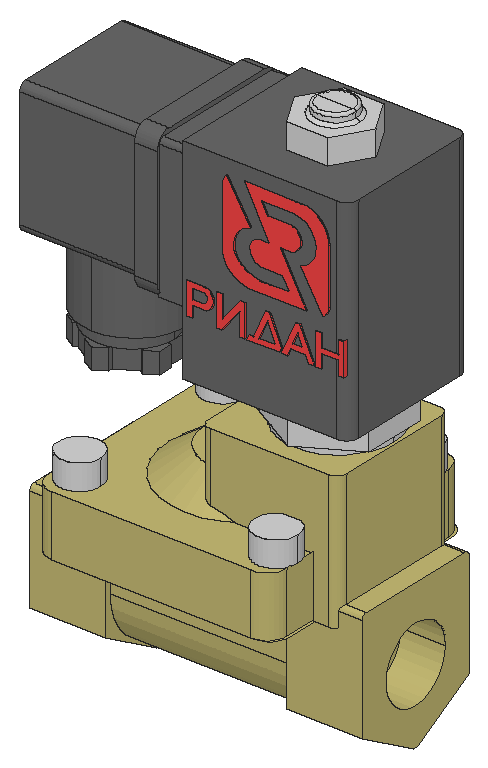
Revit family "РИДАН_Соленоидный клапан EV220WR", category Арматура трубопроводов, Revit 2019
Family settings
  Размер круглого соединителя = Использовать диаметр
  Тип детали = Вставляется
  На основе рабочей плоскости = Нет
  Всегда вертикально = Да
  При загрузке вырезать с полостями = Нет
  Общий = Нет
Parameters (values of type "Загрузите каталог типоразмеров")
  Ду50 = not(Ду10_40)  # no
  Ду10_40 = ADSK_Диаметр условный < 45 mm  # yes
  y = size_lookup(LT, "y", 20 mm, ADSK_Диаметр условный)  # 48 mm
  x3 = size_lookup(LT, "x3", 20 mm, ADSK_Диаметр условный)  # 5 mm
  x2 = size_lookup(LT, "x2", 20 mm, ADSK_Диаметр условный)  # 4.25 mm
  x1 = size_lookup(LT, "x1", 20 mm, ADSK_Диаметр условный)  # 39 mm
  x = size_lookup(LT, "x", 20 mm, ADSK_Диаметр условный)  # 35.5 mm
  w = size_lookup(LT, "w", 20 mm, ADSK_Диаметр условный)  # 76.6 mm
  v = size_lookup(LT, "v", 20 mm, ADSK_Диаметр условный)  # 17.1 mm
  u1 = size_lookup(LT, "u1", 20 mm, ADSK_Диаметр условный)  # 9 mm
  u = size_lookup(LT, "u", 20 mm, ADSK_Диаметр условный)  # 14.9 mm
  t1 = size_lookup(LT, "t1", 20 mm, ADSK_Диаметр условный)  # 1 mm
  t = size_lookup(LT, "t", 20 mm, ADSK_Диаметр условный)  # 15 mm
  s = size_lookup(LT, "s", 20 mm, ADSK_Диаметр условный)  # 37.5 mm
  r2 = size_lookup(LT, "r2", 20 mm, ADSK_Диаметр условный)  # 1.5 mm
  r1 = size_lookup(LT, "r1", 20 mm, ADSK_Диаметр условный)  # 1 mm
  r = size_lookup(LT, "r", 20 mm, ADSK_Диаметр условный)  # 1.24 mm
  p1 = size_lookup(LT, "p1", 20 mm, ADSK_Диаметр условный)  # 2 mm
  p = size_lookup(LT, "p", 20 mm, ADSK_Диаметр условный)  # 27.5 mm
  o = size_lookup(LT, "o", 20 mm, ADSK_Диаметр условный)  # 8.97 mm
  n = size_lookup(LT, "n", 20 mm, ADSK_Диаметр условный)  # 16.01 mm
  m = size_lookup(LT, "m", 20 mm, ADSK_Диаметр условный)  # 27.5 mm
  l = size_lookup(LT, "l", 20 mm, ADSK_Диаметр условный)  # 10.5 mm
  k = size_lookup(LT, "k", 20 mm, ADSK_Диаметр условный)  # 22.5 mm
  j = size_lookup(LT, "j", 20 mm, ADSK_Диаметр условный)  # 4 mm
  i = size_lookup(LT, "i", 20 mm, ADSK_Диаметр условный)  # 48 mm
  h2 = 69 mm
  h1 = h / 2  # 12.24 mm
  h = size_lookup(LT, "h", 20 mm, ADSK_Диаметр условный)  # 24.48 mm
  g = size_lookup(LT, "g", 20 mm, ADSK_Диаметр условный)  # 11.96 mm
  f = size_lookup(LT, "f", 20 mm, ADSK_Диаметр условный)  # 36 mm
  e = size_lookup(LT, "e", 20 mm, ADSK_Диаметр условный)  # 18 mm
  d = size_lookup(LT, "d", 20 mm, ADSK_Диаметр условный)  # 15 mm
  c = size_lookup(LT, "c", 20 mm, ADSK_Диаметр условный)  # 26.34 mm
  b = size_lookup(LT, "b", 20 mm, ADSK_Диаметр условный)  # 14.77 mm
  angle1 = 150.00°
  a = size_lookup(LT, "a", 20 mm, ADSK_Диаметр условный)  # 14.5 mm
  Table = "EV220WR _DN10_50_1"  # constant formula
  LT = "EV220WR _DN10_50"  # constant formula
  ADSK_Расход жидкости = 0.0 L/s
  ADSK_Пропускная способность = size_lookup(LT, "Kv", 0.0 L/s, ADSK_Диаметр условный)  # 1.11111 L/s
  ADSK_Потеря давления жидкости = 100000.0 Pa * (ADSK_Расход жидкости / ADSK_Пропускная способность) ^ 2  # 0.0 Pa
  ADSK_Полная мощность = ADSK_Номинальная мощность / ADSK_Коэффициент мощности  # 22 VA
  ADSK_Номинальная мощность = size_lookup(Table, "ADSK_Номинальная мощность", 0 W, ADSK_Код изделия)  # 22 W
  ADSK_Напряжение = size_lookup(Table, "ADSK_Напряжение", 0 V, ADSK_Код изделия)  # 230 V
  ADSK_Наименование = size_lookup(Table, "Name", "", ADSK_Код изделия)  # "Клапан электромагнитный EV220WR, нормально закрытый, EPDM, 0,3-16 бар, 230 В, 50 Гц, DN10"
  ADSK_Масса_Текст = ""
  ADSK_Масса = size_lookup(Table, "M", 0, ADSK_Код изделия)  # 0.7
  ADSK_Марка = size_lookup(Table, "Mark", "", ADSK_Код изделия)  # "EV220WR DN10"
  ADSK_Коэффициент мощности = 1
  ADSK_Количество фаз = 1
  ADSK_Количество = 1  # constant formula
  ADSK_Код изделия = "042U001031R"
  ADSK_Классификация нагрузок = Прочее
  ADSK_Завод-изготовитель = "ООО «Ридан-Трейд»"  # constant formula
  ADSK_Единица измерения = "шт."
  ADSK_Диаметр условный = 15 mm
Reference planes
  plane 1 "По центру (Вперед/Назад)": y = 0
  plane 2: z = 0
  plane 3 "По центру (Влево/Вправо)": x = 0
  plane 4: y = 13.17
  plane 5: y = -13.17
  plane 6: z = 14.5
  plane 7: z = -14.77
  plane 8: x = -18
  plane 9: x = -33
  plane 10: x = 18
  plane 11: x = 33
  plane 12: y = 12.24
  plane 13: y = -12.24
  plane 14: z = 11.96
  plane 15: y = 24
  plane 16: y = -24
  plane 17: x = -24
  plane 18: x = 24
  plane 19: z = 10.5
  plane 20: z = 22.5
  plane 21: z = 27.5
  plane 22: x = 1.24
  plane 23: x = 28.74
  plane 24: y = 13.75
  plane 25: y = -13.75
  plane 26: z = 37.5
  plane 27: x = -9
  plane 28: y = 7.5
  plane 29: y = -7.5
  plane 30: x = -24
  plane 31: x = 24
  plane 32: x = 17.1
  plane 33: x = -100
  plane 34: x = -23.4
  plane 35: x = -19.5
  plane 36: x = 19.5
  plane 37: y = 17.75
  plane 38: y = -17.75
  plane 39: z = 27.5
Forms (mm)
  Extrusion 1, solid, material "Латунь корпус", visible <- "Ду10_40", detail levels fine
    sketch origin (0, 0, 0) x (0, 1, 0) y (0, 0, 1)
      loop
        line (13.17, -7.424) -> (13.17, 13.5)
        arc (13.17, 13.5) -> (12.877, 14.207) -> (12.17, 14.5) r 1
        line (12.17, 14.5) -> (-12.17, 14.5)
        arc (-12.17, 14.5) -> (-12.877, 14.207) -> (-13.17, 13.5) r 1
        line (-13.17, 13.5) -> (-13.17, -7.427) -> (-0.451, -14.77) -> (0.446, -14.77) -> (13.17, -7.424)
    from -33 to -18
  Extrusion 2, solid, material "Латунь корпус", detail levels fine
    sketch origin (0, 0, 0) x (0, 1, 0) y (0, 0, 1)
      loop
        line (12.24, 11.96) -> (-12.24, 11.96) -> (-12.24, 0)
        arc (-12.24, 0) -> (0, -12.24) -> (12.24, 0) r 12.24
        line (12.24, 0) -> (12.24, 11.96)
    from -18 to 18
  Extrusion 3, solid, material "Латунь корпус", visible <- "Ду10_40", detail levels fine
    sketch origin (276.848, 0, 0) x (0, 1, 0) y (0, 0, 1)
      loop
        line (13.17, -7.424) -> (13.17, 13.5)
        arc (13.17, 13.5) -> (12.877, 14.207) -> (12.17, 14.5) r 1
        line (12.17, 14.5) -> (-12.17, 14.5)
        arc (-12.17, 14.5) -> (-12.877, 14.207) -> (-13.17, 13.5) r 1
        line (-13.17, 13.5) -> (-13.17, -7.427) -> (-0.451, -14.77) -> (0.446, -14.77) -> (13.17, -7.424)
    from -258.848 to -243.848
  Extrusion 4, solid, material "Латунь корпус", detail levels fine
    sketch origin (0, 0, 0) x (1, 0, 0) y (0, 1, 0)
      loop
        arc (-20, 24) -> (-22.828, 22.828) -> (-24, 20) r 4
        line (-24, 20) -> (-24, -20)
        arc (-24, -20) -> (-22.828, -22.828) -> (-20, -24) r 4
        line (-20, -24) -> (19.5, -24)
        arc (19.5, -24) -> (22.328, -22.828) -> (23.5, -20) r 4
        line (23.5, -20) -> (23.5, 20)
        arc (23.5, 20) -> (22.328, 22.828) -> (19.5, 24) r 4
        line (19.5, 24) -> (-20, 24)
    from 10.5 to 22.5
  Blend 5, solid, material "Латунь корпус", detail levels fine
    base sketch origin (0, 0, 0) x (1, 0, 0) y (0, 1, 0)
      loop
        circle (0, 0) r 16.01
    top sketch origin (0, 0, 0) x (1, 0, 0) y (0, 1, 0)
      loop
        circle (0, 0) r 8.97
    from 22.5 to 27.5
  Extrusion 6, solid, material "Латунь корпус", detail levels fine
    sketch origin (0, 0, 0) x (1, 0, 0) y (0, 1, 0)
      loop
        arc (3.24, 13.75) -> (1.826, 13.164) -> (1.24, 11.75) r 2
        line (1.24, 11.75) -> (1.24, -11.75)
        arc (1.24, -11.75) -> (1.826, -13.164) -> (3.24, -13.75) r 2
        line (3.24, -13.75) -> (26.74, -13.75)
        arc (26.74, -13.75) -> (28.154, -13.164) -> (28.74, -11.75) r 2
        line (28.74, -11.75) -> (28.74, 11.75)
        arc (28.74, 11.75) -> (28.154, 13.164) -> (26.74, 13.75) r 2
        line (26.74, 13.75) -> (3.24, 13.75)
    from 10.5 to 37.5
  Blend 7, solid, material "Латунь корпус", detail levels fine
    base sketch origin (0, 0, 0) x (1, 0, 0) y (0, 1, 0)
      loop
        arc (-20, 24) -> (-22.828, 22.828) -> (-24, 20) r 4
        line (-24, 20) -> (-24, -20)
        arc (-24, -20) -> (-22.828, -22.828) -> (-20, -24) r 4
        line (-20, -24) -> (20, -24)
        arc (20, -24) -> (22.828, -22.828) -> (24, -20) r 4
        line (24, -20) -> (24, 20)
        arc (24, 20) -> (22.828, 22.828) -> (20, 24) r 4
        line (20, 24) -> (-20, 24)
    top sketch origin (0, 0, 0) x (1, 0, 0) y (0, 1, 0)
      loop
        arc (-23, 7.5) -> (-23.707, 7.207) -> (-24, 6.5) r 1
        line (-24, 6.5) -> (-24, -6.5)
        arc (-24, -6.5) -> (-23.707, -7.207) -> (-23, -7.5) r 1
        line (-23, -7.5) -> (-10, -7.5)
        arc (-10, -7.5) -> (-9.293, -7.207) -> (-9, -6.5) r 1
        line (-9, -6.5) -> (-9, 6.5)
        arc (-9, 6.5) -> (-9.293, 7.207) -> (-10, 7.5) r 1
        line (-10, 7.5) -> (-23, 7.5)
    from 10.5 to 0
  Extrusion 8, void
    sketch origin (0, 0, 0) x (0, 1, 0) y (0, 0, 1)
      loop
        circle (0, 0) r 7.45
    from -33 to -24
  Extrusion 9, void
    sketch origin (137.266, 0, 0) x (0, 1, 0) y (0, 0, 1)
      loop
        circle (0, 0) r 7.45
    from -113.266 to -104.266
  Extrusion 10, solid, material "Сталь нержавеющая", detail levels fine
    sketch origin (0, 0, 0) x (1, 0, 0) y (0, 1, 0)
      loop
        circle (-19.5, 17.75) r 4.25
      loop
        circle (19.5, 17.75) r 4.25
      loop
        circle (-19.5, -17.75) r 4.25
      loop
        circle (19.5, -17.75) r 4.25
    from 22.5 to 27.5
Cuts and joins
  Extrusion 8 cuts Extrusion 2
  Extrusion 8, Extrusion 9 cuts Extrusion 3
  Extrusion 8 cuts Extrusion 1
Dimensions and locks
  "a": plane 2 to plane 6
  "b": plane 2 to plane 7
  equal spacing: plane 4, plane 1 "По центру (Вперед/Назад)", plane 5
  "c": plane 4 to plane 5
  "e": plane 3 "По центру (Влево/Вправо)" to plane 8
  "d": plane 8 to plane 9
  "f": plane 10 to plane 8
  "d": plane 10 to plane 11
  equal spacing: plane 12, plane 1 "По центру (Вперед/Назад)", plane 13
  "h": plane 12 to plane 13
  "g": plane 14 to level
  equal spacing: plane 15, plane 1 "По центру (Вперед/Назад)", plane 16
  "i": plane 15 to plane 16
  equal spacing: plane 17, plane 3 "По центру (Влево/Вправо)", plane 18
  "i": plane 17 to plane 18
  "l": plane 19 to plane 2
  "k": plane 20 to plane 2
  "m": plane 21 to plane 2
  equal spacing: plane 24, plane 1 "По центру (Вперед/Назад)", plane 25
  "p": plane 24 to plane 25
  "p": plane 22 to plane 23
  "r": plane 3 "По центру (Влево/Вправо)" to plane 22
  "s": plane 26 to plane 2
  "t": plane 17 to plane 27
  equal spacing: plane 28, plane 1 "По центру (Вперед/Назад)", plane 29
  "t": plane 28 to plane 29
  "u1": plane 30 to plane 9
  "u1": plane 31 to plane 11
  "v": plane 32 to plane 3 "По центру (Влево/Вправо)"
  locked: plane 33 to plane 3 "По центру (Влево/Вправо)" at 100
  "w": plane 34 to plane 33
  equal spacing: plane 35, plane 3 "По центру (Влево/Вправо)", plane 36
  "x1": plane 35 to plane 36
  equal spacing: plane 37, plane 1 "По центру (Вперед/Назад)", plane 38
  "x": plane 37 to plane 38
  "x3": plane 39 to plane 20
  "r1": radius of Extrusion 1 sketch curve  (x2)
  "h1": radius of Extrusion 2 sketch curve
  "r1": radius of Extrusion 3 sketch curve  (x2)
  "j": radius of Extrusion 4 sketch curve  (x4)
  "n": radius of Blend 5 sketch curve
  "o": radius of Blend 5 sketch curve
  "p1": radius of Extrusion 6 sketch curve  (x4)
  "t1": radius of Blend 7 sketch curve  (x4)
  "j": radius of Blend 7 sketch curve  (x4)
  "u": diameter of Extrusion 8 sketch curve
  "u": diameter of Extrusion 9 sketch curve
  "x2": radius of Extrusion 10 sketch curve  (x4)
  "angle1": angle Extrusion 1 sketch curve to Extrusion 1 sketch curve  (x2)
  "angle1": angle Extrusion 3 sketch curve to Extrusion 3 sketch curve  (x2)
  aligned and locked: level to plane 2
  aligned and locked: plane 6 to Extrusion 1 sketch curve
  aligned and locked: plane 4 to Extrusion 1 sketch curve
  aligned and locked: plane 7 to Extrusion 1 sketch curve
  aligned and locked: plane 8 to Extrusion 1
  aligned and locked: Extrusion 1 to plane 9
  aligned and locked: plane 14 to Extrusion 2 sketch curve
  aligned and locked: Extrusion 2 sketch curve to plane 12
  aligned and locked: plane 13 to Extrusion 2 sketch curve
  aligned and locked: Extrusion 2 to plane 8
  aligned and locked: Extrusion 2 to plane 10
  aligned and locked: plane 10 to Extrusion 3
  aligned and locked: Extrusion 3 to plane 11
  aligned and locked: Extrusion 4 to plane 19
  aligned and locked: plane 20 to Extrusion 4
  aligned and locked: Blend 5 to plane 20
  aligned and locked: plane 21 to Blend 5
  aligned and locked: plane 26 to Extrusion 6
  aligned and locked: Extrusion 6 to plane 19
  aligned and locked: Blend 7 sketch curve to plane 28
  aligned and locked: Blend 7 sketch curve to plane 17  (x2)
  aligned and locked: plane 29 to Blend 7 sketch curve
  aligned and locked: Blend 7 sketch curve to plane 27
  aligned and locked: plane 19 to Blend 7
  aligned and locked: Blend 7 to plane 2
  aligned and locked: plane 15 to Blend 7 sketch curve
  aligned and locked: plane 16 to Blend 7 sketch curve
  aligned and locked: Blend 7 sketch curve to plane 18
  aligned and locked: plane 9 to nested 1
  aligned and locked: plane 11 to nested 2
  aligned and locked: plane 30 to Extrusion 8
  aligned and locked: Extrusion 8 to plane 9
  aligned and locked: plane 31 to Extrusion 9
  aligned and locked: Extrusion 9 to plane 11
  aligned and locked: nested 3 to plane 32
  aligned and locked: nested 3 to plane 26
  aligned and locked: plane 35 to Extrusion 10 sketch curve  (x2)
  aligned and locked: plane 37 to Extrusion 10 sketch curve  (x2)
  aligned and locked: Extrusion 10 to plane 20
  aligned and locked: plane 39 to Extrusion 10
  aligned and locked: plane 36 to Extrusion 10 sketch curve  (x2)
  aligned and locked: plane 38 to Extrusion 10 sketch curve  (x2)
  aligned and locked: nested 4 to plane 30
  aligned and locked: plane 30 to nested 5
Automatic sketch dimensions
  Extrusion 1 sketch curve to plane 5 = 0 mm
  plane 1 "По центру (Вперед/Назад)" to Extrusion 1 sketch curve = 0.451 mm
  Extrusion 1 sketch curve to plane 1 "По центру (Вперед/Назад)" = 0.446 mm
  Extrusion 2 sketch curve to level = 0 mm
  Extrusion 3 sketch curve to plane 5 = 0 mm
  plane 7 to Extrusion 3 sketch curve = 0 mm
  plane 6 to Extrusion 3 sketch curve = 0 mm
  Extrusion 3 sketch curve to plane 4 = 0 mm
  plane 1 "По центру (Вперед/Назад)" to Extrusion 3 sketch curve = 0.451 mm
  Extrusion 3 sketch curve to plane 1 "По центру (Вперед/Назад)" = 0.446 mm
  Extrusion 4 sketch curve to plane 17 = 0 mm
  Extrusion 4 sketch curve to plane 15 = 0 mm
  Extrusion 4 sketch curve to plane 36 = 0 mm
  plane 16 to Extrusion 4 sketch curve = 0 mm
  plane 1 "По центру (Вперед/Назад)" to Blend 5 sketch curve = 0 mm  (x2)
  Blend 5 sketch curve to plane 3 "По центру (Влево/Вправо)" = 0 mm  (x2)
  Extrusion 6 sketch curve to plane 22 = 0 mm
  Extrusion 6 sketch curve to plane 24 = 0 mm
  plane 25 to Extrusion 6 sketch curve = 0 mm
  Extrusion 6 sketch curve to plane 23 = 0 mm
  Extrusion 8 sketch curve to level = 0 mm
  Extrusion 8 sketch curve to plane 1 "По центру (Вперед/Назад)" = 0 mm
  Extrusion 9 sketch curve to level = 0 mm
  Extrusion 9 sketch curve to plane 1 "По центру (Вперед/Назад)" = 0 mm
Nested families
  nested 1: "Гайка50" at (-33, 0, 0), visible <- "Ду50", type "Гайка50"
  nested 2: "Гайка50" at (33, 0, 0) x (-1, 0, 0) z (0, 0, -1), visible <- "Ду50", type "Гайка50"
  nested 3: "Штекер EV220WR" at (17.1, 0, 37.5), type "Штекер EV220WR"
  nested 4: "УГО_клапана" at (0, 0, 0), УГО_Длина <- "y", type "УГО_клапана"
    with УГО_Длина 48 mm, УГО_Высота 36.628 mm
  nested 5: "УГО_ЭУ_клапана" at (0, 0, 0), УГО_Длина <- "y", type "УГО_ЭУ_клапана", detail levels coarse+medium
    with УГО_Длина 48 mm, УГО_Высота 36.628 mm
Connectors
  electrical at (-23.406, 0.793, 37), driven by "ADSK_Напряжение", driven by "ADSK_Полная мощность"
    settings: on nested 3, index 1, voltage 230 V, apparent load 22 VA, apparent load phase1 0 VA, apparent load phase2 0 VA, apparent load phase3 0 VA, power factor 1, load classification "Прочее", number of poles 1, system type 30, power factor state 1, is connector primary yes, connector utility no, sub classification motor no, connector description ""
  piping at (-24, 0, 0), diameter 15, driven by "ADSK_Диаметр условный", driven by "ADSK_Расход жидкости"
    settings: on plane 30, index 2, connector inside diameter 609.6 mm, connector length 0 mm, flow factor 0, pipe flow 0.0 L/s, pressure drop 0.0 Pa, fitting loss kfactor 0, connector angle 0.00°, fixture units 0, engagement length 0 mm, angle of deflection 0.00°, flow configuration 0, flow direction 1, fitting loss method 0, system type 29, joint type 0, gender type 0, connector reference index -1, connector utility 0, adjustable connector no, is connector primary yes, connector description "Вход"
  piping at (24, 0, 0), diameter 15, driven by "ADSK_Диаметр условный", driven by "ADSK_Расход жидкости", driven by "ADSK_Потеря давления жидкости"
    settings: on plane 31, index 3, connector inside diameter 609.6 mm, connector length 0 mm, flow factor 0, pipe flow 0.0 L/s, pressure drop 0.0 Pa, fitting loss kfactor 0, connector angle 0.00°, fixture units 0, engagement length 0 mm, angle of deflection 0.00°, flow configuration 0, flow direction 2, fitting loss method 4, system type 29, joint type 0, gender type 0, connector reference index -1, connector utility 0, adjustable connector no, is connector primary no, connector description "Выход"
Definition of nested family "Гайка50"
  Reference planes
    plane 1 "По центру (Вперед/Назад)": y = 0
    plane 2: z = 0
    plane 3 "По центру (Влево/Вправо)": x = 0
  Forms (mm)
    Extrusion 1, solid, detail levels fine
      sketch origin (0, 0, 0) x (0, 1, 0) y (0, 0, 1)
        loop
          arc (12.219, -34.5) -> (14.133, -34.119) -> (15.755, -33.036) r 5
          line (15.755, -33.036) -> (33.036, -15.755)
          arc (33.036, -15.755) -> (34.119, -14.133) -> (34.5, -12.219) r 5
          line (34.5, -12.219) -> (34.5, 12.219)
          arc (34.5, 12.219) -> (34.119, 14.133) -> (33.036, 15.755) r 5
          line (33.036, 15.755) -> (15.755, 33.036)
          arc (15.755, 33.036) -> (14.133, 34.119) -> (12.219, 34.5) r 5
          line (12.219, 34.5) -> (-12.219, 34.5)
          arc (-12.219, 34.5) -> (-14.133, 34.119) -> (-15.755, 33.036) r 5
          line (-15.755, 33.036) -> (-33.036, 15.755)
          arc (-33.036, 15.755) -> (-34.119, 14.133) -> (-34.5, 12.219) r 5
          line (-34.5, 12.219) -> (-34.5, -12.219)
          arc (-34.5, -12.219) -> (-34.119, -14.133) -> (-33.036, -15.755) r 5
          line (-33.036, -15.755) -> (-15.755, -33.036)
          arc (-15.755, -33.036) -> (-14.133, -34.119) -> (-12.219, -34.5) r 5
          line (-12.219, -34.5) -> (12.219, -34.5)
      from 0 to 33
    Extrusion 2, void
      sketch origin (0, 0, 0) x (0, 1, 0) y (0, 0, 1)
        loop
          circle (0, 0) r 28.33
      from 0 to 22.6
  Cuts and joins
    Extrusion 2 cuts Extrusion 1
  Dimensions and locks
    aligned and locked: level to plane 2
Definition of nested family "Штекер EV220WR"
  Reference planes
    plane 1 "По центру (Вперед/Назад)": y = 0
    plane 2: z = 0
    plane 3 "По центру (Влево/Вправо)": x = 0
  Forms (mm)
    Extrusion 1, solid, detail levels fine
      sketch origin (0, 0, 0) x (1, 0, 0) y (0, 1, 0)
        loop
          line (-18.5, 14.75) -> (-18.5, -14.75) -> (12, -14.75)
          arc (12, -14.75) -> (13.768, -14.018) -> (14.5, -12.25) r 2.5
          line (14.5, -12.25) -> (14.5, 12.75)
          arc (14.5, 12.75) -> (13.914, 14.164) -> (12.5, 14.75) r 2
          line (12.5, 14.75) -> (-18.5, 14.75)
      from 7.7 to 50
    Extrusion 2, solid, detail levels fine
      sketch origin (0, 0, 0) x (0, 1, 0) y (0, 0, 1)
        loop
          line (13.4, 48.6) -> (-13.4, 48.6)
          arc (-13.4, 48.6) -> (-14.107, 48.307) -> (-14.4, 47.6) r 1
          line (-14.4, 47.6) -> (-14.4, 20.4) -> (14.4, 20.4) -> (14.4, 47.6)
          arc (14.4, 47.6) -> (14.107, 48.307) -> (13.4, 48.6) r 1
      from -23.5 to -18.5
    Extrusion 3, solid, detail levels fine
      sketch origin (0, 0, 0) x (0, 1, 0) y (0, 0, 1)
        loop
          line (11.85, 49.35) -> (-11.85, 49.35)
          arc (-11.85, 49.35) -> (-13.971, 48.471) -> (-14.85, 46.35) r 3
          line (-14.85, 46.35) -> (-14.85, 22.65)
          arc (-14.85, 22.65) -> (-13.971, 20.529) -> (-11.85, 19.65) r 3
          line (-11.85, 19.65) -> (11.85, 19.65)
          arc (11.85, 19.65) -> (13.971, 20.529) -> (14.85, 22.65) r 3
          line (14.85, 22.65) -> (14.85, 46.35)
          arc (14.85, 46.35) -> (13.971, 48.471) -> (11.85, 49.35) r 3
      from -28 to -23.5
    Extrusion 4, solid, detail levels fine
      sketch origin (0, 0, 0) x (0, 1, 0) y (0, 0, 1)
        loop
          line (11.85, 47.85) -> (-11.85, 47.85)
          arc (-11.85, 47.85) -> (-12.911, 47.411) -> (-13.35, 46.35) r 1.5
          line (-13.35, 46.35) -> (-13.35, 22.65)
          arc (-13.35, 22.65) -> (-12.911, 21.589) -> (-11.85, 21.15) r 1.5
          line (-11.85, 21.15) -> (11.85, 21.15)
          arc (11.85, 21.15) -> (12.911, 21.589) -> (13.35, 22.65) r 1.5
          line (13.35, 22.65) -> (13.35, 46.35)
          arc (13.35, 46.35) -> (12.911, 47.411) -> (11.85, 47.85) r 1.5
      from -52 to -28
    Extrusion 5, solid, detail levels fine
      sketch origin (0, 0, 0) x (1, 0, 0) y (0, 1, 0)
        loop
          line (-4.041, 7) -> (-8.083, 0) -> (-4.041, -7) -> (4.041, -7) -> (8.083, 0) -> (4.041, 7) -> (-4.041, 7)
      from 50 to 55
    Revolve 6, solid, detail levels fine
      sketch origin (0, 0, 0) x (1, 0, 0) y (0, 0, 1)
        loop
          line (-4, 56.5) -> (-4, 55.5) -> (-4.741, 55) -> (0, 55) -> (0, 57) -> (-3.5, 57)
          arc (-3.5, 57) -> (-3.854, 56.854) -> (-4, 56.5) r 0.5
        axis (0, 57) -> (0, 55)
      angle from 0 to 360
    Extrusion 7, solid, detail levels fine
      sketch origin (0, 0, 0) x (1, 0, 0) y (0, 1, 0)
        loop
          line (-11, 7.14) -> (-11, -5.562) -> (0, -11.913) -> (11, -5.562) -> (11, 7.14) -> (0, 13.491) -> (-11, 7.14)
      from 1 to 7.7
    Extrusion 8, solid, detail levels fine
      sketch origin (0, 0, 0) x (1, 0, 0) y (0, 1, 0)
        loop
          circle (0, 0.789) r 11
      from 0 to 1
    Extrusion 9, solid, detail levels fine
      sketch origin (0, 0, 0) x (1, 0, 0) y (0, 1, 0)
        loop
          circle (-40.5, 0.789) r 10.6
      from 6.3 to 21.15
    Extrusion 10, solid, detail levels fine
      sketch origin (0, 0, 0) x (1, 0, 0) y (0, 1, 0)
        loop
          circle (-40.5, 0) r 8.5
      from 3.6 to 6.3
    Extrusion 11, solid, detail levels fine
      sketch origin (0, 0, 0) x (1, 0, 0) y (0, 1, 0)
        loop
          line (-46.774, 7.155) -> (-47.466, 7.555) -> (-49.8, 6.153) -> (-50.031, 3.548) -> (-49.15, 3.039) -> (-49.15, -1.461) -> (-49.843, -1.861) -> (-49.8, -4.58) -> (-47.466, -5.977) -> (-46.774, -5.577) -> (-42.876, -7.827) -> (-42.876, -8.627) -> (-40.5, -9.95) -> (-38.124, -8.627) -> (-38.124, -7.827) -> (-34.226, -5.577) -> (-33.534, -5.977) -> (-31.2, -4.58) -> (-31.157, -1.861) -> (-31.85, -1.461) -> (-31.85, 3.039) -> (-31.157, 3.439) -> (-31.2, 6.158) -> (-33.534, 7.555) -> (-34.226, 7.155) -> (-38.124, 9.405) -> (-38.124, 10.205) -> (-40.5, 11.528) -> (-42.876, 10.205) -> (-42.876, 9.405) -> (-46.774, 7.155)
      from -0.5 to 3.6
    Extrusion 12, solid, detail levels fine
      sketch origin (-14.404, 3.85, -27.702) x (1, 0, 0) y (0, 0, 1)
        loop
          line (8.175, 74.847) -> (13.223, 65.495) -> (11.411, 65.495)
          arc (11.411, 65.495) -> (9.92, 64.877) -> (9.303, 63.387) r 2.108
          arc (9.303, 63.387) -> (10.086, 61.496) -> (11.976, 60.714) r 2.673
          line (11.976, 60.714) -> (15.896, 60.714) -> (17.187, 58.287) -> (11.726, 58.287)
          arc (11.726, 58.287) -> (9.595, 58.665) -> (7.724, 59.753) r 6.197
          arc (7.724, 59.753) -> (6.362, 61.577) -> (6.232, 63.85) r 3.955
          arc (6.232, 63.85) -> (7.398, 65.926) -> (9.481, 67.08) r 4.357
          line (9.481, 67.08) -> (4.657, 74.847)
          arc (4.657, 74.847) -> (4.028, 73.832) -> (3.809, 72.658) r 3.248
          line (3.809, 72.658) -> (3.809, 61.629)
          arc (3.809, 61.629) -> (5.407, 57.77) -> (9.267, 56.171) r 5.459
          line (9.267, 56.171) -> (20.506, 56.171) -> (15.473, 65.495) -> (17.416, 65.495)
          arc (17.416, 65.495) -> (18.462, 65.997) -> (19.214, 66.88) r 2.791
          arc (19.214, 66.88) -> (19.454, 67.875) -> (19.214, 68.869) r 2.185
          arc (19.214, 68.869) -> (18.502, 69.836) -> (17.396, 70.304) r 2.272
          line (17.396, 70.304) -> (12.815, 70.304) -> (11.571, 72.645) -> (17.795, 72.645)
          arc (17.795, 72.645) -> (20.077, 71.96) -> (21.79, 70.304) r 5.04
          arc (21.79, 70.304) -> (22.463, 68.419) -> (22.266, 66.427) r 4.571
          arc (22.266, 66.427) -> (21.165, 64.719) -> (19.373, 63.761) r 4.052
          line (19.373, 63.761) -> (23.795, 56.402)
          arc (23.795, 56.402) -> (24.673, 57.163) -> (25, 58.278) r 2.062
          line (25, 58.278) -> (25, 69.291)
          arc (25, 69.291) -> (23.373, 73.22) -> (19.444, 74.847) r 5.556
          line (19.444, 74.847) -> (8.175, 74.847)
      from 17.8 to 18.7
    Extrusion 13, solid, detail levels fine
      sketch origin (-39.758, 2.929, -41.041) x (1, 0, 0) y (0, 0, 1)
        loop
          line (22.108, 66.663) -> (22.108, 60.232) -> (23.227, 60.232) -> (23.227, 62.519) -> (25.489, 62.519)
          arc (25.489, 62.519) -> (26.476, 62.816) -> (27.176, 63.573) r 1.962
          arc (27.176, 63.573) -> (27.404, 64.833) -> (26.878, 66) r 2.156
          arc (26.878, 66) -> (26.245, 66.475) -> (25.476, 66.663) r 1.973
          line (25.476, 66.663) -> (22.108, 66.663)
        loop
          line (23.227, 65.649) -> (23.227, 63.433) -> (25.202, 63.433)
          arc (25.202, 63.433) -> (25.923, 63.792) -> (26.248, 64.528) r 1.186
          arc (26.248, 64.528) -> (25.969, 65.316) -> (25.202, 65.649) r 1.048
          line (25.202, 65.649) -> (23.227, 65.649)
        loop
          line (28.149, 66.663) -> (28.149, 60.232) -> (29.07, 60.232) -> (32.633, 64.717) -> (32.633, 60.232) -> (33.703, 60.232) -> (33.703, 66.663) -> (32.758, 66.663) -> (29.221, 62.166) -> (29.221, 66.663) -> (28.149, 66.663)
        loop
          line (34.128, 60.232) -> (40.517, 60.232) -> (40.951, 61.255) -> (38.577, 66.663) -> (37.713, 66.663) -> (35.348, 61.255) -> (34.562, 61.255) -> (34.128, 60.232)
        loop
          line (36.48, 61.255) -> (39.81, 61.255) -> (38.137, 65.068) -> (36.48, 61.255)
        loop
          line (43.788, 66.663) -> (40.96, 60.232) -> (42.109, 60.232) -> (42.727, 61.646) -> (45.671, 61.646) -> (46.289, 60.232) -> (47.462, 60.232) -> (44.651, 66.663) -> (43.788, 66.663)
        loop
          line (47.783, 66.663) -> (47.783, 60.232) -> (48.904, 60.232) -> (48.904, 62.96) -> (52.314, 62.96) -> (52.314, 60.232) -> (53.386, 60.232) -> (53.386, 66.663) -> (52.314, 66.663) -> (52.314, 63.982) -> (48.904, 63.982) -> (48.904, 66.663) -> (47.783, 66.663)
        loop
          line (43.173, 62.667) -> (45.225, 62.667) -> (44.184, 65.049) -> (43.173, 62.667)
      from 16.863 to 17.8
  Dimensions and locks
    aligned and locked: level to plane 2
Definition of nested family "УГО_клапана"
  Parameters (values of type "УГО_клапана")
    УГО_Длина [instance] = 48 mm
    УГО_Высота [instance] = УГО_Длина * 0.76308  # 36.628 mm
  Reference planes
    plane 1 "По центру (Вперед/Назад)": y = 0
    plane 2: z = 0
    plane 3 "По центру (Влево/Вправо)": x = 0
    plane 4: x = -24
    plane 5: x = 24
    plane 6: z = 18.314
    plane 7: z = -18.314
  Forms (mm)
    Extrusion 1, solid, detail levels coarse+medium
      sketch origin (0, 0, 0) x (1, 0, 0) y (0, 0, 1)
        loop
          line (-24, -18.314) -> (0, 0) -> (-24, 18.314) -> (-24, -18.314)
      from -0.5 to 0.5
    Extrusion 2, solid, detail levels coarse+medium
      sketch origin (0, 0, 0) x (1, 0, 0) y (0, 0, 1)
        loop
          line (24, -18.314) -> (24, 18.314) -> (0, 0) -> (24, -18.314)
      from -0.5 to 0.5
  Dimensions and locks
    equal spacing: plane 5, plane 3 "По центру (Влево/Вправо)", plane 4
    "УГО_Длина": plane 5 to plane 4
    equal spacing: plane 6, plane 2, plane 7
    "УГО_Высота": plane 6 to plane 7
    aligned and locked: level to plane 2
    aligned and locked: plane 4 to Extrusion 1 sketch curve
    aligned and locked: Extrusion 2 sketch curve to plane 5
  Automatic sketch dimensions
    Extrusion 1 sketch curve to level = 0 mm
    Extrusion 1 sketch curve to plane 3 "По центру (Влево/Вправо)" = 0 mm
    Extrusion 1 sketch curve to plane 7 = 0 mm
    Extrusion 1 sketch curve to plane 6 = 0 mm
    Extrusion 2 sketch curve to level = 0 mm
    Extrusion 2 sketch curve to plane 3 "По центру (Влево/Вправо)" = 0 mm
    Extrusion 2 sketch curve to plane 7 = 0 mm
    Extrusion 2 sketch curve to plane 6 = 0 mm
Definition of nested family "УГО_ЭУ_клапана"
  Parameters (values of type "УГО_ЭУ_клапана")
    УГО_Длина [instance] = 100 mm
    УГО_Высота [instance] = УГО_Длина * 0.76308  # 76.308 mm
  Reference planes
    plane 1 "По центру (Вперед/Назад)": y = 0
    plane 2: z = 0
    plane 3 "По центру (Влево/Вправо)": x = 0
    plane 4: x = -50
    plane 5: x = 50
    plane 6: y = 38.154
    plane 7: y = -38.154
  Lines and regions (mm)
    Filled region 1, type "Сплошная заливка - Белый", in view "Опорный уровень"
      outline origin (0, 0, 0) x (1, 0, 0) y (0, 1, 0)
        loop
          line (-50, -38.154) -> (0, 0) -> (-50, 38.154) -> (-50, -38.154)
    Filled region 2, type "Сплошная заливка - Белый", in view "Опорный уровень"
      outline origin (0, 0, 0) x (1, 0, 0) y (0, 1, 0)
        loop
          line (50, -38.154) -> (50, 38.154) -> (0, 0) -> (50, -38.154)
  Dimensions and locks
    equal spacing: plane 4, plane 3 "По центру (Влево/Вправо)", plane 5
    "УГО_Длина": plane 4 to plane 5
    equal spacing: plane 6, plane 1 "По центру (Вперед/Назад)", plane 7
    "УГО_Высота": plane 6 to plane 7
    aligned and locked: plane 4 to Filled region 1 sketch curve
    aligned and locked: Filled region 1 to plane 4
  Automatic sketch dimensions
    plane 1 "По центру (Вперед/Назад)" to Filled region 1 sketch curve = 0 mm
    Filled region 1 sketch curve to plane 3 "По центру (Влево/Вправо)" = 0 mm
    plane 7 to Filled region 1 sketch curve = 0 mm
    Filled region 1 sketch curve to plane 6 = 0 mm
    plane 1 "По центру (Вперед/Назад)" to Filled region 2 sketch curve = 0 mm
    Filled region 2 sketch curve to plane 3 "По центру (Влево/Вправо)" = 0 mm
    Filled region 2 sketch curve to plane 5 = 0 mm
    plane 7 to Filled region 2 sketch curve = 0 mm
    Filled region 2 sketch curve to plane 6 = 0 mm
Types in the file's own list only (84): name | Ду50 | Ду10_40 | y | x3 | x2 | x1 | x | w | v | u1 | u | t1 | t | s | r2 | r1 | r | p1 | p | o | n | m | l | k | j | i | h2 | h1 | h | g | f | e | d | c | b | a | ADSK_Расход жидкости | ADSK_Пропускная способность | ADSK_Потеря давления жидкости | ADSK_Полная мощность | ADSK_Номинальная мощность | ADSK_Напряжение | ADSK_Наименование | ADSK_Масса | ADSK_Марка | ADSK_Код изделия | ADSK_Диаметр условный
  EV220WR НЗ EPDM 0,3-16 бар 230 В 50 Гц DN10 | Нет | Да | 48 мм | 5 мм | 4 мм | 39 мм | 36 мм | 77 мм | 17 мм | 9 мм | 15 мм | 1 мм | 15 мм | 38 мм | 2 мм | 1 мм | 1 мм | 2 мм | 28 мм | 9 мм | 16 мм | 28 мм | 11 мм | 23 мм | 4 мм | 48 мм | 69 мм | 12 мм | 24 мм | 12 мм | 36 мм | 18 мм | 15 мм | 26 мм | 15 мм | 15 мм | 0.0 л/с | 1.1 л/с | 0.0 Па | 22 В·А | 22 Вт | 230 В | "Клапан электромагнитный EV220WR, нормально закрытый, EPDM, 0,3-16 бар, 230 В, 50 Гц, DN10" | 0.7 | "EV220WR DN10" | "042U001031R" | 10 мм
  EV220WR НЗ EPDM 0,3-16 бар 230 В 50 Гц DN15 | Нет | Да | 48 мм | 5 мм | 4 мм | 39 мм | 36 мм | 77 мм | 17 мм | 9 мм | 15 мм | 1 мм | 15 мм | 38 мм | 2 мм | 1 мм | 1 мм | 2 мм | 28 мм | 9 мм | 16 мм | 28 мм | 11 мм | 23 мм | 4 мм | 48 мм | 69 мм | 12 мм | 24 мм | 12 мм | 36 мм | 18 мм | 15 мм | 26 мм | 15 мм | 15 мм | 0.0 л/с | 1.1 л/с | 0.0 Па | 22 В·А | 22 Вт | 230 В | "Клапан электромагнитный EV220WR, нормально закрытый, EPDM, 0,3-16 бар, 230 В, 50 Гц, DN15" | 0.7 | "EV220WR DN15" | "042U001531R" | 15 мм
  EV220WR НЗ EPDM 0,3-16 бар 230 В 50 Гц DN20 | Нет | Да | 57 мм | 7 мм | 5 мм | 43 мм | 43 мм | 78 мм | 18 мм | 9 мм | 24 мм | 2 мм | 20 мм | 39 мм | 2 мм | 2 мм | 2 мм | 2 мм | 30 мм | 10 мм | 21 мм | 32 мм | 11 мм | 24 мм | 5 мм | 57 мм | 69 мм | 14 мм | 29 мм | 15 мм | 35 мм | 18 мм | 20 мм | 31 мм | 18 мм | 16 мм | 0.0 л/с | 1.9 л/с | 0.0 Па | 22 В·А | 22 Вт | 230 В | "Клапан электромагнитный EV220WR, нормально закрытый, EPDM, 0,3-16 бар, 230 В, 50 Гц, DN20" | 0.85 | "EV220WR DN20" | "042U002031R" | 20 мм
  EV220WR НЗ EPDM 0,3-16 бар 230 В 50 Гц DN25 | Нет | Да | 70 мм | 10 мм | 6 мм | 55 мм | 55 мм | 88 мм | 28 мм | 13 мм | 29 мм | 3 мм | 25 мм | 47 мм | 3 мм | 2 мм | 13 мм | 3 мм | 30 мм | 16 мм | 27 мм | 40 мм | 17 мм | 33 мм | 8 мм | 70 мм | 69 мм | 16 мм | 33 мм | 21 мм | 62 мм | 31 мм | 17 мм | 41 мм | 23 мм | 23 мм | 0.0 л/с | 2.8 л/с | 0.0 Па | 22 В·А | 22 Вт | 230 В | "Клапан электромагнитный EV220WR, нормально закрытый, EPDM, 0,3-16 бар, 230 В, 50 Гц, DN25" | 1.35 | "EV220WR DN25" | "042U002531R" | 25 мм
  EV220WR НЗ EPDM 0,3-16 бар 230 В 50 Гц DN32 | Нет | Да | 96 мм | 8 мм | 6 мм | 73 мм | 73 мм | 98 мм | 38 мм | 18 мм | 39 мм | 4 мм | 35 мм | 59 мм | 6 мм | 3 мм | 22 мм | 2 мм | 31 мм | 25 мм | 40 мм | 52 мм | 26 мм | 44 мм | 12 мм | 96 мм | 69 мм | 26 мм | 53 мм | 29 мм | 83 мм | 41 мм | 24 мм | 57 мм | 31 мм | 32 мм | 0.0 л/с | 5.8 л/с | 0.0 Па | 22 В·А | 22 Вт | 230 В | "Клапан электромагнитный EV220WR, нормально закрытый, EPDM, 0,3-16 бар, 230 В, 50 Гц, DN32" | 2.8 | "EV220WR DN32" | "042U003231R" | 32 мм
  EV220WR НЗ EPDM 0,3-16 бар 230 В 50 Гц DN40 | Нет | Да | 96 мм | 8 мм | 6 мм | 73 мм | 73 мм | 98 мм | 38 мм | 18 мм | 39 мм | 4 мм | 35 мм | 59 мм | 6 мм | 3 мм | 22 мм | 2 мм | 31 мм | 25 мм | 40 мм | 52 мм | 26 мм | 44 мм | 12 мм | 96 мм | 69 мм | 26 мм | 53 мм | 29 мм | 83 мм | 41 мм | 24 мм | 57 мм | 31 мм | 32 мм | 0.0 л/с | 7.2 л/с | 0.0 Па | 22 В·А | 22 Вт | 230 В | "Клапан электромагнитный EV220WR, нормально закрытый, EPDM, 0,3-16 бар, 230 В, 50 Гц, DN40" | 2.8 | "EV220WR DN40" | "042U004031R" | 40 мм
  EV220WR НЗ EPDM 0,3-16 бар 230 В 50 Гц DN50 | Да | Нет | 130 мм | 10 мм | 8 мм | 92 мм | 92 мм | 108 мм | 48 мм | 18 мм | 39 мм | 5 мм | 40 мм | 68 мм | 6 мм | 3 мм | 27 мм | 3 мм | 40 мм | 30 мм | 50 мм | 60 мм | 31 мм | 49 мм | 15 мм | 120 мм | 69 мм | 28 мм | 56 мм | 37 мм | 99 мм | 49 мм | 33 мм | 57 мм | 31 мм | 32 мм | 0.0 л/с | 11.4 л/с | 0.0 Па | 22 В·А | 22 Вт | 230 В | "Клапан электромагнитный EV220WR, нормально закрытый, EPDM, 0,3-16 бар, 230 В, 50 Гц, DN50" | 3.9 | "EV220WR DN50" | "042U005031R" | 50 мм
  EV220WR НЗ EPDM 0,3-16 бар 24 В пост. Ток DN10 | Нет | Да | 48 мм | 5 мм | 4 мм | 39 мм | 36 мм | 77 мм | 17 мм | 9 мм | 15 мм | 1 мм | 15 мм | 38 мм | 2 мм | 1 мм | 1 мм | 2 мм | 28 мм | 9 мм | 16 мм | 28 мм | 11 мм | 23 мм | 4 мм | 48 мм | 69 мм | 12 мм | 24 мм | 12 мм | 36 мм | 18 мм | 15 мм | 26 мм | 15 мм | 15 мм | 0.0 л/с | 1.1 л/с | 0.0 Па | 13 В·А | 13 Вт | 24 В | "Клапан электромагнитный EV220WR, нормально закрытый, EPDM, 0,3-16 бар, 24 В пост. Ток, DN10" | 0.7 | "EV220WR DN10" | "042U001002R" | 10 мм
  EV220WR НЗ EPDM 0,3-16 бар 24 В пост. Ток DN15 | Нет | Да | 48 мм | 5 мм | 4 мм | 39 мм | 36 мм | 77 мм | 17 мм | 9 мм | 15 мм | 1 мм | 15 мм | 38 мм | 2 мм | 1 мм | 1 мм | 2 мм | 28 мм | 9 мм | 16 мм | 28 мм | 11 мм | 23 мм | 4 мм | 48 мм | 69 мм | 12 мм | 24 мм | 12 мм | 36 мм | 18 мм | 15 мм | 26 мм | 15 мм | 15 мм | 0.0 л/с | 1.1 л/с | 0.0 Па | 13 В·А | 13 Вт | 24 В | "Клапан электромагнитный EV220WR, нормально закрытый, EPDM, 0,3-16 бар, 24 В пост. Ток, DN15" | 0.7 | "EV220WR DN15" | "042U001502R" | 15 мм
  EV220WR НЗ EPDM 0,3-16 бар 24 В пост. Ток DN20 | Нет | Да | 57 мм | 7 мм | 5 мм | 43 мм | 43 мм | 78 мм | 18 мм | 9 мм | 24 мм | 2 мм | 20 мм | 39 мм | 2 мм | 2 мм | 2 мм | 2 мм | 30 мм | 10 мм | 21 мм | 32 мм | 11 мм | 24 мм | 5 мм | 57 мм | 69 мм | 14 мм | 29 мм | 15 мм | 35 мм | 18 мм | 20 мм | 31 мм | 18 мм | 16 мм | 0.0 л/с | 1.9 л/с | 0.0 Па | 13 В·А | 13 Вт | 24 В | "Клапан электромагнитный EV220WR, нормально закрытый, EPDM, 0,3-16 бар, 24 В пост. Ток, DN20" | 0.85 | "EV220WR DN20" | "042U002002R" | 20 мм
  EV220WR НЗ EPDM 0,3-16 бар 24 В пост. Ток DN25 | Нет | Да | 70 мм | 10 мм | 6 мм | 55 мм | 55 мм | 88 мм | 28 мм | 13 мм | 29 мм | 3 мм | 25 мм | 47 мм | 3 мм | 2 мм | 13 мм | 3 мм | 30 мм | 16 мм | 27 мм | 40 мм | 17 мм | 33 мм | 8 мм | 70 мм | 69 мм | 16 мм | 33 мм | 21 мм | 62 мм | 31 мм | 17 мм | 41 мм | 23 мм | 23 мм | 0.0 л/с | 2.8 л/с | 0.0 Па | 13 В·А | 13 Вт | 24 В | "Клапан электромагнитный EV220WR, нормально закрытый, EPDM, 0,3-16 бар, 24 В пост. Ток, DN25" | 1.35 | "EV220WR DN25" | "042U002502R" | 25 мм
  EV220WR НЗ EPDM 0,3-16 бар 24 В пост. Ток DN32 | Нет | Да | 96 мм | 8 мм | 6 мм | 73 мм | 73 мм | 98 мм | 38 мм | 18 мм | 39 мм | 4 мм | 35 мм | 59 мм | 6 мм | 3 мм | 22 мм | 2 мм | 31 мм | 25 мм | 40 мм | 52 мм | 26 мм | 44 мм | 12 мм | 96 мм | 69 мм | 26 мм | 53 мм | 29 мм | 83 мм | 41 мм | 24 мм | 57 мм | 31 мм | 32 мм | 0.0 л/с | 5.8 л/с | 0.0 Па | 13 В·А | 13 Вт | 24 В | "Клапан электромагнитный EV220WR, нормально закрытый, EPDM, 0,3-16 бар, 24 В пост. Ток, DN32" | 2.8 | "EV220WR DN32" | "042U003202R" | 32 мм
  EV220WR НЗ EPDM 0,3-16 бар 24 В пост. Ток DN40 | Нет | Да | 96 мм | 8 мм | 6 мм | 73 мм | 73 мм | 98 мм | 38 мм | 18 мм | 39 мм | 4 мм | 35 мм | 59 мм | 6 мм | 3 мм | 22 мм | 2 мм | 31 мм | 25 мм | 40 мм | 52 мм | 26 мм | 44 мм | 12 мм | 96 мм | 69 мм | 26 мм | 53 мм | 29 мм | 83 мм | 41 мм | 24 мм | 57 мм | 31 мм | 32 мм | 0.0 л/с | 7.2 л/с | 0.0 Па | 13 В·А | 13 Вт | 24 В | "Клапан электромагнитный EV220WR, нормально закрытый, EPDM, 0,3-16 бар, 24 В пост. Ток, DN40" | 2.8 | "EV220WR DN40" | "042U004002R" | 40 мм
  EV220WR НЗ EPDM 0,3-16 бар 24 В пост. Ток DN50 | Да | Нет | 130 мм | 10 мм | 8 мм | 92 мм | 92 мм | 108 мм | 48 мм | 18 мм | 39 мм | 5 мм | 40 мм | 68 мм | 6 мм | 3 мм | 27 мм | 3 мм | 40 мм | 30 мм | 50 мм | 60 мм | 31 мм | 49 мм | 15 мм | 120 мм | 69 мм | 28 мм | 56 мм | 37 мм | 99 мм | 49 мм | 33 мм | 57 мм | 31 мм | 32 мм | 0.0 л/с | 11.4 л/с | 0.0 Па | 13 В·А | 13 Вт | 24 В | "Клапан электромагнитный EV220WR, нормально закрытый, EPDM, 0,3-16 бар, 24 В пост. Ток, DN50" | 3.9 | "EV220WR DN50" | "042U005002R" | 50 мм
  EV220WR НЗ EPDM 0,3-16 бар 24 В 50 Гц DN10 | Нет | Да | 48 мм | 5 мм | 4 мм | 39 мм | 36 мм | 77 мм | 17 мм | 9 мм | 15 мм | 1 мм | 15 мм | 38 мм | 2 мм | 1 мм | 1 мм | 2 мм | 28 мм | 9 мм | 16 мм | 28 мм | 11 мм | 23 мм | 4 мм | 48 мм | 69 мм | 12 мм | 24 мм | 12 мм | 36 мм | 18 мм | 15 мм | 26 мм | 15 мм | 15 мм | 0.0 л/с | 1.1 л/с | 0.0 Па | 18 В·А | 18 Вт | 24 В | "Клапан электромагнитный EV220WR, нормально закрытый, EPDM, 0,3-16 бар, 24 В, 50 Гц, DN10" | 0.7 | "EV220WR DN10" | "042U001016R" | 10 мм
  EV220WR НЗ EPDM 0,3-16 бар 24 В 50 Гц DN15 | Нет | Да | 48 мм | 5 мм | 4 мм | 39 мм | 36 мм | 77 мм | 17 мм | 9 мм | 15 мм | 1 мм | 15 мм | 38 мм | 2 мм | 1 мм | 1 мм | 2 мм | 28 мм | 9 мм | 16 мм | 28 мм | 11 мм | 23 мм | 4 мм | 48 мм | 69 мм | 12 мм | 24 мм | 12 мм | 36 мм | 18 мм | 15 мм | 26 мм | 15 мм | 15 мм | 0.0 л/с | 1.1 л/с | 0.0 Па | 18 В·А | 18 Вт | 24 В | "Клапан электромагнитный EV220WR, нормально закрытый, EPDM, 0,3-16 бар, 24 В, 50 Гц, DN15" | 0.7 | "EV220WR DN15" | "042U001516R" | 15 мм
  EV220WR НЗ EPDM 0,3-16 бар 24 В 50 Гц DN20 | Нет | Да | 57 мм | 7 мм | 5 мм | 43 мм | 43 мм | 78 мм | 18 мм | 9 мм | 24 мм | 2 мм | 20 мм | 39 мм | 2 мм | 2 мм | 2 мм | 2 мм | 30 мм | 10 мм | 21 мм | 32 мм | 11 мм | 24 мм | 5 мм | 57 мм | 69 мм | 14 мм | 29 мм | 15 мм | 35 мм | 18 мм | 20 мм | 31 мм | 18 мм | 16 мм | 0.0 л/с | 1.9 л/с | 0.0 Па | 18 В·А | 18 Вт | 24 В | "Клапан электромагнитный EV220WR, нормально закрытый, EPDM, 0,3-16 бар, 24 В, 50 Гц, DN20" | 0.85 | "EV220WR DN20" | "042U002016R" | 20 мм
  EV220WR НЗ EPDM 0,3-16 бар 24 В 50 Гц DN25 | Нет | Да | 70 мм | 10 мм | 6 мм | 55 мм | 55 мм | 88 мм | 28 мм | 13 мм | 29 мм | 3 мм | 25 мм | 47 мм | 3 мм | 2 мм | 13 мм | 3 мм | 30 мм | 16 мм | 27 мм | 40 мм | 17 мм | 33 мм | 8 мм | 70 мм | 69 мм | 16 мм | 33 мм | 21 мм | 62 мм | 31 мм | 17 мм | 41 мм | 23 мм | 23 мм | 0.0 л/с | 2.8 л/с | 0.0 Па | 18 В·А | 18 Вт | 24 В | "Клапан электромагнитный EV220WR, нормально закрытый, EPDM, 0,3-16 бар, 24 В, 50 Гц, DN25" | 1.35 | "EV220WR DN25" | "042U002516R" | 25 мм
  EV220WR НЗ EPDM 0,3-16 бар 24 В 50 Гц DN32 | Нет | Да | 96 мм | 8 мм | 6 мм | 73 мм | 73 мм | 98 мм | 38 мм | 18 мм | 39 мм | 4 мм | 35 мм | 59 мм | 6 мм | 3 мм | 22 мм | 2 мм | 31 мм | 25 мм | 40 мм | 52 мм | 26 мм | 44 мм | 12 мм | 96 мм | 69 мм | 26 мм | 53 мм | 29 мм | 83 мм | 41 мм | 24 мм | 57 мм | 31 мм | 32 мм | 0.0 л/с | 5.8 л/с | 0.0 Па | 18 В·А | 18 Вт | 24 В | "Клапан электромагнитный EV220WR, нормально закрытый, EPDM, 0,3-16 бар, 24 В, 50 Гц, DN32" | 2.8 | "EV220WR DN32" | "042U003216R" | 32 мм
  EV220WR НЗ EPDM 0,3-16 бар 24 В 50 Гц DN40 | Нет | Да | 96 мм | 8 мм | 6 мм | 73 мм | 73 мм | 98 мм | 38 мм | 18 мм | 39 мм | 4 мм | 35 мм | 59 мм | 6 мм | 3 мм | 22 мм | 2 мм | 31 мм | 25 мм | 40 мм | 52 мм | 26 мм | 44 мм | 12 мм | 96 мм | 69 мм | 26 мм | 53 мм | 29 мм | 83 мм | 41 мм | 24 мм | 57 мм | 31 мм | 32 мм | 0.0 л/с | 7.2 л/с | 0.0 Па | 18 В·А | 18 Вт | 24 В | "Клапан электромагнитный EV220WR, нормально закрытый, EPDM, 0,3-16 бар, 24 В, 50 Гц, DN40" | 2.8 | "EV220WR DN40" | "042U004016R" | 40 мм
  EV220WR НЗ EPDM 0,3-16 бар 24 В 50 Гц DN50 | Да | Нет | 130 мм | 10 мм | 8 мм | 92 мм | 92 мм | 108 мм | 48 мм | 18 мм | 39 мм | 5 мм | 40 мм | 68 мм | 6 мм | 3 мм | 27 мм | 3 мм | 40 мм | 30 мм | 50 мм | 60 мм | 31 мм | 49 мм | 15 мм | 120 мм | 69 мм | 28 мм | 56 мм | 37 мм | 99 мм | 49 мм | 33 мм | 57 мм | 31 мм | 32 мм | 0.0 л/с | 11.4 л/с | 0.0 Па | 18 В·А | 18 Вт | 24 В | "Клапан электромагнитный EV220WR, нормально закрытый, EPDM, 0,3-16 бар, 24 В, 50 Гц, DN50" | 3.9 | "EV220WR DN50" | "042U005016R" | 50 мм
  EV220WR НЗ NBR 0,3-16 бар 230 В 50 Гц DN10 | Нет | Да | 48 мм | 5 мм | 4 мм | 39 мм | 36 мм | 77 мм | 17 мм | 9 мм | 15 мм | 1 мм | 15 мм | 38 мм | 2 мм | 1 мм | 1 мм | 2 мм | 28 мм | 9 мм | 16 мм | 28 мм | 11 мм | 23 мм | 4 мм | 48 мм | 69 мм | 12 мм | 24 мм | 12 мм | 36 мм | 18 мм | 15 мм | 26 мм | 15 мм | 15 мм | 0.0 л/с | 1.1 л/с | 0.0 Па | 22 В·А | 22 Вт | 230 В | "Клапан электромагнитный EV220WR, нормально закрытый, NBR, 0,3-16 бар, 230 В, 50 Гц, DN10" | 0.7 | "EV220WR DN10" | "042U011031R" | 10 мм
  EV220WR НЗ NBR 0,3-16 бар 230 В 50 Гц DN15 | Нет | Да | 48 мм | 5 мм | 4 мм | 39 мм | 36 мм | 77 мм | 17 мм | 9 мм | 15 мм | 1 мм | 15 мм | 38 мм | 2 мм | 1 мм | 1 мм | 2 мм | 28 мм | 9 мм | 16 мм | 28 мм | 11 мм | 23 мм | 4 мм | 48 мм | 69 мм | 12 мм | 24 мм | 12 мм | 36 мм | 18 мм | 15 мм | 26 мм | 15 мм | 15 мм | 0.0 л/с | 1.1 л/с | 0.0 Па | 22 В·А | 22 Вт | 230 В | "Клапан электромагнитный EV220WR, нормально закрытый, NBR, 0,3-16 бар, 230 В, 50 Гц, DN15" | 0.7 | "EV220WR DN15" | "042U011531R" | 15 мм
  EV220WR НЗ NBR 0,3-16 бар 230 В 50 Гц DN20 | Нет | Да | 57 мм | 7 мм | 5 мм | 43 мм | 43 мм | 78 мм | 18 мм | 9 мм | 24 мм | 2 мм | 20 мм | 39 мм | 2 мм | 2 мм | 2 мм | 2 мм | 30 мм | 10 мм | 21 мм | 32 мм | 11 мм | 24 мм | 5 мм | 57 мм | 69 мм | 14 мм | 29 мм | 15 мм | 35 мм | 18 мм | 20 мм | 31 мм | 18 мм | 16 мм | 0.0 л/с | 1.9 л/с | 0.0 Па | 22 В·А | 22 Вт | 230 В | "Клапан электромагнитный EV220WR, нормально закрытый, NBR, 0,3-16 бар, 230 В, 50 Гц, DN20" | 0.85 | "EV220WR DN20" | "042U012031R" | 20 мм
  EV220WR НЗ NBR 0,3-16 бар 230 В 50 Гц DN25 | Нет | Да | 70 мм | 10 мм | 6 мм | 55 мм | 55 мм | 88 мм | 28 мм | 13 мм | 29 мм | 3 мм | 25 мм | 47 мм | 3 мм | 2 мм | 13 мм | 3 мм | 30 мм | 16 мм | 27 мм | 40 мм | 17 мм | 33 мм | 8 мм | 70 мм | 69 мм | 16 мм | 33 мм | 21 мм | 62 мм | 31 мм | 17 мм | 41 мм | 23 мм | 23 мм | 0.0 л/с | 2.8 л/с | 0.0 Па | 22 В·А | 22 Вт | 230 В | "Клапан электромагнитный EV220WR, нормально закрытый, NBR, 0,3-16 бар, 230 В, 50 Гц, DN25" | 1.35 | "EV220WR DN25" | "042U012531R" | 25 мм
  EV220WR НЗ NBR 0,3-16 бар 230 В 50 Гц DN32 | Нет | Да | 96 мм | 8 мм | 6 мм | 73 мм | 73 мм | 98 мм | 38 мм | 18 мм | 39 мм | 4 мм | 35 мм | 59 мм | 6 мм | 3 мм | 22 мм | 2 мм | 31 мм | 25 мм | 40 мм | 52 мм | 26 мм | 44 мм | 12 мм | 96 мм | 69 мм | 26 мм | 53 мм | 29 мм | 83 мм | 41 мм | 24 мм | 57 мм | 31 мм | 32 мм | 0.0 л/с | 5.8 л/с | 0.0 Па | 22 В·А | 22 Вт | 230 В | "Клапан электромагнитный EV220WR, нормально закрытый, NBR, 0,3-16 бар, 230 В, 50 Гц, DN32" | 2.8 | "EV220WR DN32" | "042U013231R" | 32 мм
  EV220WR НЗ NBR 0,3-16 бар 230 В 50 Гц DN40 | Нет | Да | 96 мм | 8 мм | 6 мм | 73 мм | 73 мм | 98 мм | 38 мм | 18 мм | 39 мм | 4 мм | 35 мм | 59 мм | 6 мм | 3 мм | 22 мм | 2 мм | 31 мм | 25 мм | 40 мм | 52 мм | 26 мм | 44 мм | 12 мм | 96 мм | 69 мм | 26 мм | 53 мм | 29 мм | 83 мм | 41 мм | 24 мм | 57 мм | 31 мм | 32 мм | 0.0 л/с | 7.2 л/с | 0.0 Па | 22 В·А | 22 Вт | 230 В | "Клапан электромагнитный EV220WR, нормально закрытый, NBR, 0,3-16 бар, 230 В, 50 Гц, DN40" | 2.8 | "EV220WR DN40" | "042U014031R" | 40 мм
  EV220WR НЗ NBR 0,3-16 бар 230 В 50 Гц DN50 | Да | Нет | 130 мм | 10 мм | 8 мм | 92 мм | 92 мм | 108 мм | 48 мм | 18 мм | 39 мм | 5 мм | 40 мм | 68 мм | 6 мм | 3 мм | 27 мм | 3 мм | 40 мм | 30 мм | 50 мм | 60 мм | 31 мм | 49 мм | 15 мм | 120 мм | 69 мм | 28 мм | 56 мм | 37 мм | 99 мм | 49 мм | 33 мм | 57 мм | 31 мм | 32 мм | 0.0 л/с | 11.4 л/с | 0.0 Па | 22 В·А | 22 Вт | 230 В | "Клапан электромагнитный EV220WR, нормально закрытый, NBR, 0,3-16 бар, 230 В, 50 Гц, DN50" | 3.9 | "EV220WR DN50" | "042U015031R" | 50 мм
  EV220WR НЗ NBR 0,3-16 бар 24 В пост. Ток DN10 | Нет | Да | 48 мм | 5 мм | 4 мм | 39 мм | 36 мм | 77 мм | 17 мм | 9 мм | 15 мм | 1 мм | 15 мм | 38 мм | 2 мм | 1 мм | 1 мм | 2 мм | 28 мм | 9 мм | 16 мм | 28 мм | 11 мм | 23 мм | 4 мм | 48 мм | 69 мм | 12 мм | 24 мм | 12 мм | 36 мм | 18 мм | 15 мм | 26 мм | 15 мм | 15 мм | 0.0 л/с | 1.1 л/с | 0.0 Па | 13 В·А | 13 Вт | 24 В | "Клапан электромагнитный EV220WR, нормально закрытый, NBR, 0,3-16 бар, 24 В пост. Ток, DN10" | 0.7 | "EV220WR DN10" | "042U011002R" | 10 мм
  EV220WR НЗ NBR 0,3-16 бар 24 В пост. Ток DN15 | Нет | Да | 48 мм | 5 мм | 4 мм | 39 мм | 36 мм | 77 мм | 17 мм | 9 мм | 15 мм | 1 мм | 15 мм | 38 мм | 2 мм | 1 мм | 1 мм | 2 мм | 28 мм | 9 мм | 16 мм | 28 мм | 11 мм | 23 мм | 4 мм | 48 мм | 69 мм | 12 мм | 24 мм | 12 мм | 36 мм | 18 мм | 15 мм | 26 мм | 15 мм | 15 мм | 0.0 л/с | 1.1 л/с | 0.0 Па | 13 В·А | 13 Вт | 24 В | "Клапан электромагнитный EV220WR, нормально закрытый, NBR, 0,3-16 бар, 24 В пост. Ток, DN15" | 0.7 | "EV220WR DN15" | "042U011502R" | 15 мм
  EV220WR НЗ NBR 0,3-16 бар 24 В пост. Ток DN20 | Нет | Да | 57 мм | 7 мм | 5 мм | 43 мм | 43 мм | 78 мм | 18 мм | 9 мм | 24 мм | 2 мм | 20 мм | 39 мм | 2 мм | 2 мм | 2 мм | 2 мм | 30 мм | 10 мм | 21 мм | 32 мм | 11 мм | 24 мм | 5 мм | 57 мм | 69 мм | 14 мм | 29 мм | 15 мм | 35 мм | 18 мм | 20 мм | 31 мм | 18 мм | 16 мм | 0.0 л/с | 1.9 л/с | 0.0 Па | 13 В·А | 13 Вт | 24 В | "Клапан электромагнитный EV220WR, нормально закрытый, NBR, 0,3-16 бар, 24 В пост. Ток, DN20" | 0.85 | "EV220WR DN20" | "042U012002R" | 20 мм
  EV220WR НЗ NBR 0,3-16 бар 24 В пост. Ток DN25 | Нет | Да | 70 мм | 10 мм | 6 мм | 55 мм | 55 мм | 88 мм | 28 мм | 13 мм | 29 мм | 3 мм | 25 мм | 47 мм | 3 мм | 2 мм | 13 мм | 3 мм | 30 мм | 16 мм | 27 мм | 40 мм | 17 мм | 33 мм | 8 мм | 70 мм | 69 мм | 16 мм | 33 мм | 21 мм | 62 мм | 31 мм | 17 мм | 41 мм | 23 мм | 23 мм | 0.0 л/с | 2.8 л/с | 0.0 Па | 13 В·А | 13 Вт | 24 В | "Клапан электромагнитный EV220WR, нормально закрытый, NBR, 0,3-16 бар, 24 В пост. Ток, DN25" | 1.35 | "EV220WR DN25" | "042U012502R" | 25 мм
  EV220WR НЗ NBR 0,3-16 бар 24 В пост. Ток DN32 | Нет | Да | 96 мм | 8 мм | 6 мм | 73 мм | 73 мм | 98 мм | 38 мм | 18 мм | 39 мм | 4 мм | 35 мм | 59 мм | 6 мм | 3 мм | 22 мм | 2 мм | 31 мм | 25 мм | 40 мм | 52 мм | 26 мм | 44 мм | 12 мм | 96 мм | 69 мм | 26 мм | 53 мм | 29 мм | 83 мм | 41 мм | 24 мм | 57 мм | 31 мм | 32 мм | 0.0 л/с | 5.8 л/с | 0.0 Па | 13 В·А | 13 Вт | 24 В | "Клапан электромагнитный EV220WR, нормально закрытый, NBR, 0,3-16 бар, 24 В пост. Ток, DN32" | 2.8 | "EV220WR DN32" | "042U013202R" | 32 мм
  EV220WR НЗ NBR 0,3-16 бар 24 В пост. Ток DN40 | Нет | Да | 96 мм | 8 мм | 6 мм | 73 мм | 73 мм | 98 мм | 38 мм | 18 мм | 39 мм | 4 мм | 35 мм | 59 мм | 6 мм | 3 мм | 22 мм | 2 мм | 31 мм | 25 мм | 40 мм | 52 мм | 26 мм | 44 мм | 12 мм | 96 мм | 69 мм | 26 мм | 53 мм | 29 мм | 83 мм | 41 мм | 24 мм | 57 мм | 31 мм | 32 мм | 0.0 л/с | 7.2 л/с | 0.0 Па | 13 В·А | 13 Вт | 24 В | "Клапан электромагнитный EV220WR, нормально закрытый, NBR, 0,3-16 бар, 24 В пост. Ток, DN40" | 2.8 | "EV220WR DN40" | "042U014002R" | 40 мм
  EV220WR НЗ NBR 0,3-16 бар 24 В пост. Ток DN50 | Да | Нет | 130 мм | 10 мм | 8 мм | 92 мм | 92 мм | 108 мм | 48 мм | 18 мм | 39 мм | 5 мм | 40 мм | 68 мм | 6 мм | 3 мм | 27 мм | 3 мм | 40 мм | 30 мм | 50 мм | 60 мм | 31 мм | 49 мм | 15 мм | 120 мм | 69 мм | 28 мм | 56 мм | 37 мм | 99 мм | 49 мм | 33 мм | 57 мм | 31 мм | 32 мм | 0.0 л/с | 11.4 л/с | 0.0 Па | 13 В·А | 13 Вт | 24 В | "Клапан электромагнитный EV220WR, нормально закрытый, NBR, 0,3-16 бар, 24 В пост. Ток, DN50" | 3.9 | "EV220WR DN50" | "042U015002R" | 50 мм
  EV220WR НЗ NBR 0,3-16 бар 24 В 50 Гц DN10 | Нет | Да | 48 мм | 5 мм | 4 мм | 39 мм | 36 мм | 77 мм | 17 мм | 9 мм | 15 мм | 1 мм | 15 мм | 38 мм | 2 мм | 1 мм | 1 мм | 2 мм | 28 мм | 9 мм | 16 мм | 28 мм | 11 мм | 23 мм | 4 мм | 48 мм | 69 мм | 12 мм | 24 мм | 12 мм | 36 мм | 18 мм | 15 мм | 26 мм | 15 мм | 15 мм | 0.0 л/с | 1.1 л/с | 0.0 Па | 18 В·А | 18 Вт | 24 В | "Клапан электромагнитный EV220WR, нормально закрытый, NBR, 0,3-16 бар, 24 В, 50 Гц, DN10" | 0.7 | "EV220WR DN10" | "042U011016R" | 10 мм
  EV220WR НЗ NBR 0,3-16 бар 24 В 50 Гц DN15 | Нет | Да | 48 мм | 5 мм | 4 мм | 39 мм | 36 мм | 77 мм | 17 мм | 9 мм | 15 мм | 1 мм | 15 мм | 38 мм | 2 мм | 1 мм | 1 мм | 2 мм | 28 мм | 9 мм | 16 мм | 28 мм | 11 мм | 23 мм | 4 мм | 48 мм | 69 мм | 12 мм | 24 мм | 12 мм | 36 мм | 18 мм | 15 мм | 26 мм | 15 мм | 15 мм | 0.0 л/с | 1.1 л/с | 0.0 Па | 18 В·А | 18 Вт | 24 В | "Клапан электромагнитный EV220WR, нормально закрытый, NBR, 0,3-16 бар, 24 В, 50 Гц, DN15" | 0.7 | "EV220WR DN15" | "042U011516R" | 15 мм
